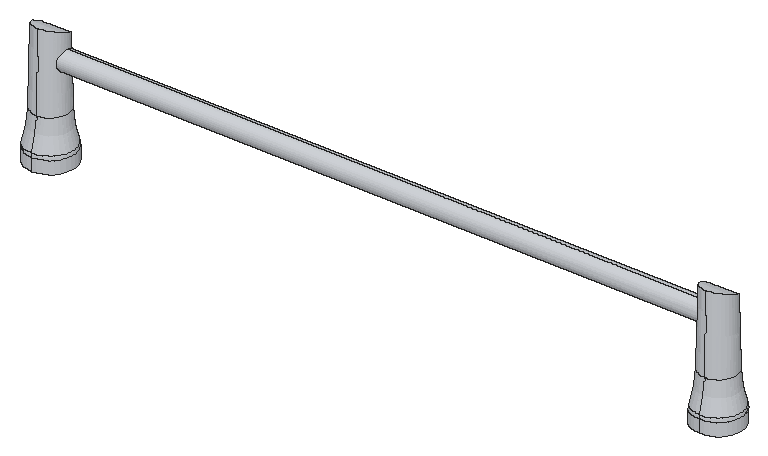
Revit family "Accessory-Towel_Bar-KOHLER-Toobi-K-5667", category Specialty Equipment, host Face, Revit 2015
Parameters (values of type "CP-Polished Chrome")
  Width = 4 1/2"  # constant formula
  WaterSense Certified = 1 = 0  # no
  URL = "https://www.us.kohler.com/us/"
  Type = 1
  Product Page URL = "http://www.us.kohler.com/us/catalog/productDetails.jsp?productNumber=5667"
  Product Name = "Toobi"  # constant formula
  Product Documentation Link = "https://www.us.kohler.com/webassets/kpna/catalog/pdf/en/K-5667_spec.pdf"
  Model = if(Type = 1, "K-5667-CP", if(Type = 2, "K-5667-BN", "NA"))  # "K-5667-CP"
  Material = "Premium Metal Construction"  # constant formula
  MasterFormat 2004 = "10.28.13"  # constant formula
  MasterFormat 1995 = "10820"  # constant formula
  Manufacturer Address = "444 Highland Dr, Kohler, WI 53044"  # constant formula
  Manufacturer = "KOHLER Co."  # constant formula
  Length = 25 11/16"  # constant formula
  Height = 1 11/16"  # constant formula
  Finish = Kohler-Metal-CP-Polished_Chrome
  Environmental Product Declaration = ""
  Description = "24 inch towel bar"  # constant formula
  Default Elevation = 42"
  Declare Label = ""
  Date Modified = "02/13/2019"  # constant formula
  Date Created = "02/13/2019"  # constant formula
  Copyright = "Copyright KOHLER Co."  # constant formula
  Contact Us = "https://www.us.kohler.com/us/static/contact.jsp"
  Assembly Code = "C1030200"
  ADA Compliant = 1 = 0  # no
Types (3): name | Type | Model | Finish
  (no name) | 1 | "K-5667-CP" | Kohler-Metal-CP-Polished_Chrome
  CP-Polished Chrome | 1 | "K-5667-CP" | Kohler-Metal-CP-Polished_Chrome
  BN-Vibrant Brushed Nickel | 2 | "K-5667-BN" | Kohler-Metal-BN-Vibrant_Brushed_Nickel
Reference planes (in)
  plane 1 "Center (Front/Back)": y = 0
  plane 2: z = 0
  plane 3 "Center (Left/Right)": x = 0
  plane 4: x = 12.84375
  plane 5: x = -12.84375
  plane 6: x = -11.15625
  plane 7: x = 11.1562089
  plane 8: z = 4.5
  plane 9: x = -12
  plane 10: x = 12
  plane 11: y = 0.8515625
  plane 12: y = -0.8359375
  plane 13: z = 3.3996136
Dimensions and locks (in)
  "Length": plane 5 to plane 4
  plane 7 to plane 4 = 1.68754"
  "Width": plane 8 to level
  plane 10 to plane 9 = 24"
  "Height": plane 12 to plane 11
  aligned and locked: plane 2 to host face
  aligned and locked: level to host face
Automatic sketch dimensions
  host sketch curve to host sketch curve = 96"  (x2)
Nested families (in)
  nested 1: "K-5667" at (0, 0, 0), type "K-5667"
Definition of nested family "K-5667"
  Parameters (values of type "K-5667")
    Material = none
    Default Elevation = 48"
  Reference planes (in)
    plane 1 "Center (Front/Back)": y = 0
    plane 2: z = 0
    plane 3 "Center (Left/Right)": x = 0
    plane 4: x = -12.84375
    plane 5: x = 12.84375
    plane 6: x = 12
    plane 7: x = -12
    plane 8: z = 4.5
    plane 9: x = -11.1562089
    plane 10: x = 11.15625
    plane 11: y = -0.8437911
    plane 12: y = 0.8437911
    plane 13: z = 3.3996136
  Forms (in)
    Revolve 1, solid, material <- "Material", detail levels medium+fine
      sketch origin (12, 0.0097656, 0) x (0, -0.009534, -0.999955) y (0, 0.999955, -0.009534)
        loop
          line (-4.499705, -0.0526635) -> (-4.4943182, -0.6184813) -> (-1.7000694, -0.6518201)
          arc (-1.7000694, -0.6518201) -> (-1.1298608, -0.7019177) -> (-0.5737314, -0.8374456) r 3.7842211
          arc (-0.5737314, -0.8374456) -> (-0.5083448, -0.8530092) -> (-0.4413034, -0.8578139) r 0.4150164
          line (-0.4413034, -0.8578139) -> (0.0082395, -0.8535341) -> (0.0002069, -0.0098223) -> (-4.499705, -0.0526635)
        axis (-4.499705, -0.0526635) -> (0.0002069, -0.0098223)
      angle from 0 to 360
    Extrusion 2, solid, material <- "Material", detail levels medium+fine
      sketch origin (0, -0.0214844, -0.09375) x (0, 0, -1) y (0, 1, 0)
        loop
          circle (-3.497375, 0.0286998) r 0.3571037
      from -12 to 12
    Revolve 3, solid, material <- "Material", detail levels medium+fine
      sketch origin (-11.9999589, 0.0116415, 0) x (0, 0, -1) y (0, -1, 0)
        loop
          line (-4.5, 0.0117187) -> (0, 0.0117188) -> (0, 0.8554634) -> (-0.4498145, 0.8554634)
          arc (-0.4498145, 0.8554634) -> (-0.5168071, 0.8500206) -> (-0.5820426, 0.8338352) r 0.4150164
          arc (-0.5820426, 0.8338352) -> (-1.1368566, 0.6930191) -> (-1.7065625, 0.6374954) r 3.7842211
          line (-1.7065625, 0.6374954) -> (-4.5, 0.5775647) -> (-4.5, 0.0117187)
        axis (-4.5, 0.0117187) -> (0, 0.0117187)
      angle from 0 to 360
    Extrusion 4, solid, material <- "Material", detail levels coarse
      sketch origin (0, 0, 0) x (0, 0, -1) y (0, 1, 0)
        loop
          circle (-3.403625, 0.0000019) r 0.3571037
      from -12.2577378 to 12.2510331
    Extrusion 5, solid, material <- "Material", detail levels coarse
      sketch origin (0.0059153, -2.018148, 0.0074234) x (0.999814, -0.019293, -0.000184) y (0.019293, 0.999814, -0.000004)
        loop
          circle (-12.0426453, 1.7861358) r 0.8438111
      from -0.0097856 to 4.4903681
    Extrusion 6, solid, material <- "Material", detail levels coarse
      sketch origin (-0.0059153, -2.0259605, 0.0074234) x (-0.999814, -0.019293, -0.000184) y (0.019293, -0.999814, 0.000004)
        loop
          circle (-12.0427961, -1.7939468) r 0.8436544
      from -0.0097856 to 4.4903786
    Extrusion 7, void
      sketch origin (0, -0.0516968, -0.0039062) x (0, 0, -1) y (0, 1, 0)
        loop
          line (-3.6379386, 0.9572225) -> (-4.3330508, 1.2962514) -> (-5.1918746, -0.4645984) -> (-4.5010438, -0.8015391)
          arc (-4.5010438, -0.8015391) -> (-4.2473584, 0.1651293) -> (-3.6379386, 0.9572225) r 2.5205662
      from 10.8612338 to 13.1883353
    Extrusion 8, void
      sketch origin (0, -0.0516968, -0.0039062) x (0, 0, -1) y (0, -1, 0)
        loop
          arc (-3.6379386, -0.9572225) -> (-4.2473584, -0.1651293) -> (-4.5010438, 0.8015391) r 2.5205662
          line (-4.5010438, 0.8015391) -> (-5.1918746, 0.4645984) -> (-4.3330508, -1.2962514) -> (-3.6379386, -0.9572225)
      from 10.8612338 to 13.1883353
  Cuts and joins
    Extrusion 7, Extrusion 8 cuts Revolve 1
    Extrusion 7, Extrusion 8 cuts Extrusion 2
    Extrusion 7, Extrusion 8 cuts Revolve 3
    joined: Revolve 1, Extrusion 2, Revolve 3
    Extrusion 7, Extrusion 8 cuts Extrusion 4
    Extrusion 7 cuts Extrusion 5
    Extrusion 8 cuts Extrusion 6
    joined: Extrusion 4, Extrusion 5, Extrusion 6
  Lines and regions (in)
    Masking region 1
      outline origin (0, 0, 0) x (0, 0, -1) y (0, 1, 0)
        loop
          line (0, -0.84375) -> (0, 0.84375) -> (-0.4459542, 0.84375)
          arc (-0.4459542, 0.84375) -> (-0.5044636, 0.8399488) -> (-0.5619893, 0.828609) r 0.4521957
          arc (-0.5619893, 0.828609) -> (-1.122489, 0.684715) -> (-1.698354, 0.6277505) r 3.7933426
          line (-1.698354, 0.6277505) -> (-3.9477971, 0.5776929)
          arc (-3.9477971, 0.5776929) -> (-4.2961336, 0.0407802) -> (-4.5, -0.5658928) r 2.5532082
          line (-4.5, -0.5658928) -> (-1.7592044, -0.6268847)
          arc (-1.7592044, -0.6268847) -> (-1.152474, -0.6795389) -> (-0.5619893, -0.828609) r 3.7933426
          arc (-0.5619893, -0.828609) -> (-0.5044636, -0.8399488) -> (-0.4459542, -0.84375) r 0.4521957
          line (-0.4459542, -0.84375) -> (0, -0.84375)
    Masking region 2
      outline origin (0, 0, 0) x (1, 0, 0) y (0, 0, 1)
        loop
          arc (-11.15625, 0.4415186) -> (-11.1616927, 0.5085113) -> (-11.1778781, 0.5737467) r 0.4150164
          arc (-11.1778781, 0.5737467) -> (-11.3186942, 1.1285607) -> (-11.374218, 1.6982666) r 3.7842211
          line (-11.374218, 1.6982666) -> (-11.4029765, 3.0387306) -> (11.4029765, 3.0387306) -> (11.374218, 1.6982666)
          arc (11.374218, 1.6982666) -> (11.3186942, 1.1285607) -> (11.1778781, 0.5737467) r 3.7842211
          arc (11.1778781, 0.5737467) -> (11.1616927, 0.5085113) -> (11.15625, 0.4415186) r 0.4150164
          line (11.15625, 0.4415186) -> (11.15625, -0.0002321) -> (12, -0.0002321) -> (12.84375, -0.0002321) -> (12.84375, 0.4415186)
          arc (12.84375, 0.4415186) -> (12.8383073, 0.5085113) -> (12.8221219, 0.5737467) r 0.4150164
          arc (12.8221219, 0.5737467) -> (12.6813058, 1.1285607) -> (12.625782, 1.6982666) r 3.7842211
          line (12.625782, 1.6982666) -> (12.570153, 4.2911976)
          arc (12.570153, 4.2911976) -> (12.5607478, 4.3461222) -> (12.5283981, 4.3914948) r 0.1249401
          arc (12.5283981, 4.3914948) -> (12.4880008, 4.4201117) -> (12.4423249, 4.4392059) r 0.2251013
          arc (12.4423249, 4.4392059) -> (12.3860801, 4.4566659) -> (12.3282219, 4.467655) r 0.5200753
          arc (12.3282219, 4.467655) -> (12, 4.5030732) -> (11.6717781, 4.467655) r 1.5385307
          arc (11.6717781, 4.467655) -> (11.6139199, 4.4566659) -> (11.5576751, 4.4392059) r 0.5200753
          arc (11.5576751, 4.4392059) -> (11.5119992, 4.4201117) -> (11.4716019, 4.3914948) r 0.2251013
          arc (11.4716019, 4.3914948) -> (11.4432737, 4.3548248) -> (11.430258, 4.3103528) r 0.1249401
          line (11.430258, 4.3103528) -> (11.4184668, 3.7604967) -> (-11.4184668, 3.7604967) -> (-11.430258, 4.3103528)
          arc (-11.430258, 4.3103528) -> (-11.4432737, 4.3548248) -> (-11.4716019, 4.3914948) r 0.1249401
          arc (-11.4716019, 4.3914948) -> (-11.5119992, 4.4201117) -> (-11.5576751, 4.4392059) r 0.2251013
          arc (-11.5576751, 4.4392059) -> (-11.6139199, 4.4566659) -> (-11.6717781, 4.467655) r 0.5200753
          arc (-11.6717781, 4.467655) -> (-12, 4.5) -> (-12.3282219, 4.467655) r 1.6814933
          arc (-12.3282219, 4.467655) -> (-12.3860801, 4.4566659) -> (-12.4423249, 4.4392059) r 0.5200753
          arc (-12.4423249, 4.4392059) -> (-12.4880008, 4.4201117) -> (-12.5283981, 4.3914948) r 0.2251013
          arc (-12.5283981, 4.3914948) -> (-12.5607478, 4.3461222) -> (-12.570153, 4.2911976) r 0.1249401
          line (-12.570153, 4.2911976) -> (-12.625782, 1.6982666)
          arc (-12.625782, 1.6982666) -> (-12.6813058, 1.1285607) -> (-12.8221219, 0.5737467) r 3.7842211
          arc (-12.8221219, 0.5737467) -> (-12.8383073, 0.5085113) -> (-12.84375, 0.4415186) r 0.4150164
          line (-12.84375, 0.4415186) -> (-12.84375, -0.0002321) -> (-11.15625, -0.0002321) -> (-11.15625, 0.4415186)
    Masking region 3
      outline origin (0, 0, 0) x (1, 0, 0) y (0, 1, 0)
        loop
          line (-11.234832, -0.3574481) -> (0, -0.3574481) -> (11.2349701, -0.3574481)
          arc (11.2349701, -0.3574481) -> (12.8436741, -0.0040213) -> (11.2384107, 0.3647176) r 0.8440684
          line (11.2384107, 0.3647176) -> (0, 0.3647176) -> (-11.2382788, 0.3647176)
          arc (-11.2382788, 0.3647176) -> (-12.8430081, -0.0040325) -> (-11.234832, -0.3574481) r 0.8438163
    symbolic lines, detail levels medium+fine
      curve 1: line (11.4038042, 0, 3.0465213) -> (11.4195587, 0, 3.7607287)
      curve 2: line (-11.4040781, 0, 3.0391616) -> (-11.4195587, 0, 3.7607287)
      curve 3: arc (-11.430258, 0, 4.3103528) -> (-11.448123, 0, 4.232912) -> (-11.4981073, 0, 4.1711234) r 0.1767767
      curve 4: arc (-12.569742, 0, 4.3103528) -> (-12.551877, 0, 4.232912) -> (-12.5018927, 0, 4.1711234) r 0.1767767
      curve 5: arc (-11.4981073, 0, 4.1711234) -> (-12, 0, 3.9376886) -> (-12.5018927, 0, 4.1711234) r 0.6562604
      curve 6: arc (11.430258, 0, 4.3103528) -> (11.448123, 0, 4.232912) -> (11.4981073, 0, 4.1711234) r 0.1767767
      curve 7: arc (12.569742, 0, 4.3103528) -> (12.551877, 0, 4.232912) -> (12.5018927, 0, 4.1711234) r 0.1767767
      curve 8: arc (11.4981073, 0, 4.1711234) -> (12, 0, 3.9376886) -> (12.5018927, 0, 4.1711234) r 0.6562604
      curve 9: line (-11.9999589, 0.5776143, 0) -> (-11.9999589, -0.5659683, 0)
      curve 10: line (-11.9999589, -0.5659683, 0) -> (-11.9999589, 0.5776143, 0)
      curve 11: line (-11.2382788, 0.3647176, 0) -> (-11.556924, 0.3647176, 0)
      curve 12: line (-11.234832, -0.3574481, 0) -> (-11.561607, -0.3574481, 0)
      curve 13: line (11.9999589, 0.5776143, 0) -> (11.9999589, -0.5659683, 0)
      curve 14: line (11.9999589, -0.5659683, 0) -> (11.9999589, 0.5776143, 0)
      curve 15: line (11.2384107, 0.3647176, 0) -> (11.556924, 0.3647176, 0)
      curve 16: line (11.2349701, -0.3574481, 0) -> (11.560577, -0.3574481, 0)
      curve 17: line (-12.84375, 0, 0.4415186) -> (-11.15625, 0, 0.4415186)
      curve 18: line (11.15625, 0, 0.4415186) -> (12.84375, 0, 0.4415186)
      curve 19: line (0, -0.84375, 0.4459542) -> (0, 0.8515625, 0.4459542)
  Dimensions and locks (in)
    plane 4 to plane 5 = 25 11/16"
    plane 7 to plane 6 = 24"
    plane 8 to level = 4 1/2"
    plane 4 to plane 9 = 1.68754"  (x2)
    aligned and locked: plane 2 to level
